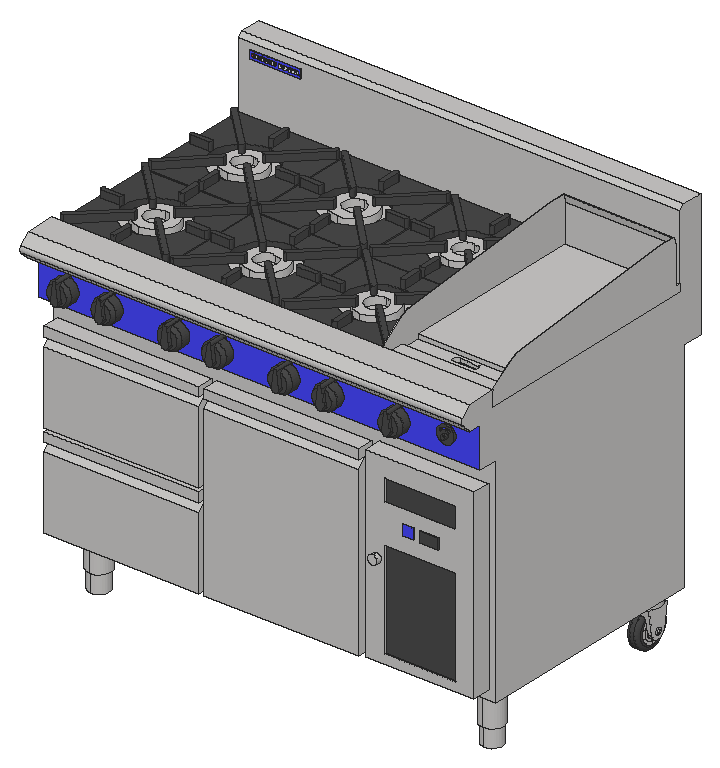
Revit family "QF_MOFFAT_BLUESEAL_CE_G518C-RB", category Specialty Equipment, Revit 2012
Parameters
  Weight in Pounds = 435  # constant formula
  Watts = 250 W
  Volts = 230 V
  URL Cutsheet = "www.moffat.com"
  URL = "www.moffat.com"
  Type Mark [instance] = ""
  Status [instance] = ""
  Specification by User [instance] = ""
  Specification by Manufacturer = ""
  Show Logo [instance] = yes
  Show Clearance [instance] = yes
  Show Casters [instance] = yes
  Serial Number = ""
  Seismic Rating = ""
  SMACNA No = ""
  Revision Code [instance] = ""
  Refrigerant Type = "R134a"
  Phase = 1
  Omniclass Number and Title = ""
  Number of Poles = 1
  NAFEM Spec ID Number = ""
  Model = "G518C-RB"
  Min Ckt Ampacity = 0 A
  Mechanical Remarks [instance] = ""
  Mechanical Connection Type [instance] = ""
  Max Overcurrent Protection = 0 A
  Masterspec = ""
  Manufacturer = "MOFFAT BLUESEAL"
  Legs [instance] = not(Show Casters)  # no
  Item Number [instance] = ""
  Installed By [instance] = ""
  Identify Quantity as Lot [instance] = yes
  HP = ""
  Gas Size = 3/4"
  Gas RI Height [instance] = 0.0 mm
  Gas KW [instance] = 48
  Gas Input [instance] = 165000.0 Btu/h
  Gas Connection Height = 0.0 mm
  Furnished By [instance] = ""
  Foodservice Equipment Identifier [instance] = yes
  FL Amps = 1.8 A
  Elec Conn RI Height = 0.0 mm
  Elec Conn Connection Height = 0.0 mm
  Description = "1200MM GAS COOK TOP ON REFRIGERATED BASE"
  Cycle = 50 Hz
  Conn Plug = ""
  Conn Conduit = yes
  CSI MasterFormat = ""
  CSI Master Format = ""
  Body Height [instance] = 915.0 mm
  Base Height [instance] = 150.0 mm
  Apparent Power = if(Phase = 3, Volts * FL Amps * 1.73, Volts * FL Amps)  # 414 VA
Reference planes
  plane 1 "BACK": y = 0
  plane 2: z = 0
  plane 3 "LEFT": x = 0
  plane 4 "RIGHT": x = 1200
  plane 5 "FRONT": y = -812
  plane 6 "TOP": z = 970
  plane 7 "Center Y": x = 600
  plane 8 "Center X": y = -406
  plane 9 "Base Height": z = 150
  plane 10: x = 1134
  plane 11: x = 65
  plane 12: z = 915
  plane 13: x = 1181
  plane 14: x = 973
  plane 15: y = -625
  plane 16: y = -100
  plane 17: z = 1085
Forms (mm)
  Extrusion 1, solid, material "QF_Finishes_Stainless Steel"
    sketch origin (0, 0, 0) x (0, 1, 0) y (0, 0, 1)
      loop
        line (0, 740) -> (0, 1085) -> (-57.5, 1085) -> (-70, 1072.5) -> (-70, 875) -> (-705, 875) -> (-705, 915) -> (-783.97, 915) -> (-808.485, 890.485)
        arc (-808.485, 890.485) -> (-811.999, 882) -> (-808.485, 873.515) r 12
        line (-808.485, 873.515) -> (-784.97, 850) -> (-749, 850) -> (-749, 740) -> (-697, 740) -> (-697, 150) -> (-57, 150) -> (-57, 740) -> (0, 740)
    from 0 to 1200
  Extrusion 2, solid, material "QF_Finishes_Stainless Steel"
    sketch origin (705, 3, 100) x (1, 0, 0) y (0, 1, 0)
      loop
        circle (365, -35) r 13.5
    from 555 to 640
  Revolve 3, solid, material "QF_Finishes_Black"
    sketch origin (89.687, 0, 759.972) x (0, 1, 0) y (0, 0, -1)
      loop
        line (-789, -69.5) -> (-766, -69.5) -> (-766, -42) -> (-756, -42) -> (-756, -37) -> (-800, -37) -> (-800, -63.651) -> (-789, -69.5)
      axis (-800, -37) -> (-756, -37)
    angle from 0 to 360
  Extrusion 4, solid, material "QF_Finishes_Black"
    sketch origin (227.956, 0, 760.13) x (-1, 0, 0) y (0, 0, -1)
      loop
        line (127.537, -26.064) -> (132.958, -68.983)
        arc (132.958, -68.983) -> (137.956, -73.87) -> (142.955, -68.983) r 5
        line (142.955, -68.983) -> (148.444, -24.898)
        arc (148.444, -24.898) -> (137.372, -14.399) -> (127.537, -26.064) r 10.487
    from 759 to 808
  Revolve 5, solid, material "QF_Finishes_Stainless Steel"
    sketch origin (65, -735, 0) x (0, 1, 0) y (0, 0, 1)
      loop
        line (78.25, 150) -> (78.25, 50) -> (82.5, 50) -> (82.5, 0) -> (110, 0) -> (110, 150) -> (78.25, 150)
      axis (110, 150) -> (110, 0)
    angle from 0 to 360
  Revolve 6, solid, material "QF_Finishes_Stainless Steel"
    sketch origin (1134, -735, 0) x (0, 1, 0) y (0, 0, -1)
      loop
        line (78.25, -150) -> (110, -150) -> (110, 0) -> (82.5, 0) -> (82.5, -50) -> (78.25, -50) -> (78.25, -150)
      axis (110, -150) -> (110, 0)
    angle from 0 to 360
  Extrusion 7, solid, material "QF_Finishes_Stainless Steel"
    sketch origin (0, 0, 0) x (0, 1, 0) y (0, 0, 1)
      loop
        line (-754, 678) -> (-754, 653) -> (-709.18, 653) -> (-709.18, 678) -> (-754, 678)
      loop
        line (-754, 421) -> (-754, 396) -> (-709.18, 396) -> (-709.18, 421) -> (-754, 421)
    from 19 to 439
  Extrusion 8, solid, material "QF_Finishes_Stainless Steel"
    sketch origin (0, -697, 222.5) x (0, 0, -1) y (1, 0, 0)
      loop
        line (-455.5, 1181) -> (-455.5, 887) -> (48.5, 887) -> (48.5, 1181) -> (-455.5, 1181)
      loop
        line (23.5, 1131) -> (-241.5, 1131) -> (-241.5, 937) -> (23.5, 937) -> (23.5, 1131)
      loop
        line (-405.5, 1131) -> (-405.5, 937) -> (-345.5, 937) -> (-345.5, 1131) -> (-405.5, 1131)
    from 0 to 48
  Extrusion 9, solid, material "QF_Finishes_Black"
    sketch origin (0, -745, 222.5) x (0, 0, -1) y (1, 0, 0)
      loop
        line (-311.04, 1035.003) -> (-281.04, 1035.003) -> (-281.04, 1083.315) -> (-311.04, 1083.315) -> (-311.04, 1035.003)
    from 0 to 1
  Extrusion 10, solid, material "QF_Finishes_Stainless Steel"
    sketch origin (0, -745, 222.5) x (0, 0, -1) y (1, 0, 0)
      loop
        circle (-202.271, 914.856) r 12.395
    from 0 to 12.7
  Extrusion 11, solid, material "QF_Finishes_Vents"
    sketch origin (0, -697, 222.5) x (0, 0, 1) y (1, 0, 0)
      loop
        line (345.5, 937) -> (405.5, 937) -> (405.5, 1131) -> (345.5, 1131) -> (345.5, 937)
      loop
        line (241.5, 937) -> (241.5, 1131) -> (-23.5, 1131) -> (-23.5, 937) -> (241.5, 937)
    from 0 to -44.529
  Extrusion 12, solid, material "QF_Door-Drawer Clearances", visible <- "Show Clearance", detail levels coarse
    sketch origin (0, -747, 174) x (0, 0, 1) y (-1, 0, 0)
      loop
        line (0, -19) -> (0, -439) -> (247, -439) -> (247, -19) -> (0, -19)
      loop
        line (257, -19) -> (257, -439) -> (504, -439) -> (504, -19) -> (257, -19)
    from 0 to 304.8
  Extrusion 13, solid, material "QF_Finishes_Stainless Steel"
    sketch origin (0, 0, 0) x (0, 1, 0) y (0, 0, 1)
      loop
        line (-709.18, 174) -> (-709.18, 650.613) -> (-731.387, 650.613) -> (-754, 628) -> (-754, 174) -> (-709.18, 174)
    from 453 to 873
  Extrusion 14, solid, material "QF_Door-Drawer Clearances", visible <- "Show Clearance", detail levels coarse
    sketch origin (0, -754, 174) x (1, 0, 0) y (0, -1, 0)
      loop
        line (453, 0) -> (873, 0) -> (873, 420)
        arc (873, 420) -> (576.015, 296.985) -> (453, 0) r 420
    from 0 to -504
  Extrusion 15, solid, material "QF_Finishes_Stainless Steel"
    sketch origin (0, -57, 735) x (0, 0, 1) y (1, 0, 0)
      loop
        circle (-315, 920) r 6.35
    from 0 to 1.6
  Extrusion 16, solid, material "QF_Finishes_Stainless Steel"
    sketch origin (0, 0, 0) x (0, 1, 0) y (0, 0, 1)
      loop
        line (-754, 431) -> (-709.18, 431) -> (-709.18, 650.613) -> (-731.387, 650.613) -> (-754, 628) -> (-754, 431)
      loop
        line (-754, 174) -> (-709.18, 174) -> (-709.18, 393.613) -> (-731.387, 393.613) -> (-754, 371) -> (-754, 174)
    from 19 to 439
  Extrusion 17, solid, material "QF_Finishes_Stainless Steel"
    sketch origin (0, 0, 0) x (0, 1, 0) y (0, 0, 1)
      loop
        line (-709.18, 653) -> (-709.18, 678) -> (-754, 678) -> (-754, 653) -> (-709.18, 653)
    from 453 to 873
  Revolve 18, solid, material "QF_Finishes_Black"
    sketch origin (210, 0, 760) x (0, 1, 0) y (0, 0, -1)
      loop
        line (-789, -69.5) -> (-766, -69.5) -> (-766, -42) -> (-756, -42) -> (-756, -37) -> (-800, -37) -> (-800, -63.651) -> (-789, -69.5)
      axis (-800, -37) -> (-756, -37)
    angle from 0 to 360
  Extrusion 19, solid, material "QF_Finishes_Black"
    sketch origin (348.27, 0, 760.158) x (-1, 0, 0) y (0, 0, -1)
      loop
        line (127.537, -26.064) -> (132.958, -68.983)
        arc (132.958, -68.983) -> (137.956, -73.87) -> (142.955, -68.983) r 5
        line (142.955, -68.983) -> (148.444, -24.898)
        arc (148.444, -24.898) -> (137.372, -14.399) -> (127.537, -26.064) r 10.487
    from 759 to 808
  Revolve 20, solid, material "QF_Finishes_Black"
    sketch origin (390, 0, 760) x (0, 1, 0) y (0, 0, -1)
      loop
        line (-789, -69.5) -> (-766, -69.5) -> (-766, -42) -> (-756, -42) -> (-756, -37) -> (-800, -37) -> (-800, -63.651) -> (-789, -69.5)
      axis (-800, -37) -> (-756, -37)
    angle from 0 to 360
  Extrusion 21, solid, material "QF_Finishes_Black"
    sketch origin (528.27, 0, 760.158) x (-1, 0, 0) y (0, 0, -1)
      loop
        line (127.537, -26.064) -> (132.958, -68.983)
        arc (132.958, -68.983) -> (137.956, -73.87) -> (142.955, -68.983) r 5
        line (142.955, -68.983) -> (148.444, -24.898)
        arc (148.444, -24.898) -> (137.372, -14.399) -> (127.537, -26.064) r 10.487
    from 759 to 808
  Revolve 22, solid, material "QF_Finishes_Black"
    sketch origin (690, 0, 760) x (0, 1, 0) y (0, 0, -1)
      loop
        line (-789, -69.5) -> (-766, -69.5) -> (-766, -42) -> (-756, -42) -> (-756, -37) -> (-800, -37) -> (-800, -63.651) -> (-789, -69.5)
      axis (-800, -37) -> (-756, -37)
    angle from 0 to 360
  Extrusion 23, solid, material "QF_Finishes_Black"
    sketch origin (828.27, 0, 760.158) x (-1, 0, 0) y (0, 0, -1)
      loop
        line (127.537, -26.064) -> (132.958, -68.983)
        arc (132.958, -68.983) -> (137.956, -73.87) -> (142.955, -68.983) r 5
        line (142.955, -68.983) -> (148.444, -24.898)
        arc (148.444, -24.898) -> (137.372, -14.399) -> (127.537, -26.064) r 10.487
    from 759 to 808
  Revolve 24, solid, material "QF_Finishes_Black"
    sketch origin (990, 0, 760) x (0, 1, 0) y (0, 0, -1)
      loop
        line (-789, -69.5) -> (-766, -69.5) -> (-766, -42) -> (-756, -42) -> (-756, -37) -> (-800, -37) -> (-800, -63.651) -> (-789, -69.5)
      axis (-800, -37) -> (-756, -37)
    angle from 0 to 360
  Extrusion 25, solid, material "QF_Finishes_Black"
    sketch origin (1128.27, 0, 760.158) x (-1, 0, 0) y (0, 0, -1)
      loop
        line (127.537, -26.064) -> (132.958, -68.983)
        arc (132.958, -68.983) -> (137.956, -73.87) -> (142.955, -68.983) r 5
        line (142.955, -68.983) -> (148.444, -24.898)
        arc (148.444, -24.898) -> (137.372, -14.399) -> (127.537, -26.064) r 10.487
    from 759 to 808
  Revolve 26, solid, material "QF_Finishes_Black"
    sketch origin (510.313, 0, 760.028) x (0, 1, 0) y (0, 0, -1)
      loop
        line (-789, -69.5) -> (-766, -69.5) -> (-766, -42) -> (-756, -42) -> (-756, -37) -> (-800, -37) -> (-800, -63.651) -> (-789, -69.5)
      axis (-800, -37) -> (-756, -37)
    angle from 0 to 360
  Extrusion 27, solid, material "QF_Finishes_Black"
    sketch origin (648.583, 0, 760.186) x (-1, 0, 0) y (0, 0, -1)
      loop
        line (127.537, -26.064) -> (132.958, -68.983)
        arc (132.958, -68.983) -> (137.956, -73.87) -> (142.955, -68.983) r 5
        line (142.955, -68.983) -> (148.444, -24.898)
        arc (148.444, -24.898) -> (137.372, -14.399) -> (127.537, -26.064) r 10.487
    from 759 to 808
  Revolve 28, solid, material "QF_Finishes_Stainless Steel", visible <- "Legs"
    sketch origin (65.5, -166, 0) x (0, 1, 0) y (0, 0, 1)
      loop
        line (34.25, 150) -> (34.25, 50) -> (38.5, 50) -> (38.5, 0) -> (66, 0) -> (66, 150) -> (34.25, 150)
      axis (66, 150) -> (66, 0)
    angle from 0 to 360
  Revolve 29, solid, material "QF_Finishes_Stainless Steel", visible <- "Show Casters"
    sketch origin (16.276, -100.755, -12.8) x (1, 0, 0) y (0, 0, 1)
      loop
        line (14.841, 63.604) -> (83.584, 63.604) -> (83.584, 67.109) -> (82.314, 68.379) -> (80.79, 68.379) -> (80.79, 71.826) -> (68.644, 71.826) -> (68.644, 81.79) -> (65.088, 83.843) -> (63.738, 92.179) -> (65.881, 92.179) -> (65.881, 98.529) -> (65.088, 98.529) -> (65.088, 104.879)
        arc (65.088, 104.879) -> (62.298, 111.614) -> (55.563, 114.404) r 9.525
        line (55.563, 114.404) -> (42.863, 114.404)
        arc (42.863, 114.404) -> (36.127, 111.614) -> (33.338, 104.879) r 9.525
        line (33.338, 104.879) -> (33.338, 98.529) -> (32.544, 98.529) -> (32.544, 92.179) -> (34.687, 92.179) -> (33.352, 83.932) -> (29.782, 81.871) -> (29.782, 71.826) -> (17.635, 71.826) -> (17.635, 68.379) -> (16.111, 68.379) -> (14.841, 67.109) -> (14.841, 63.604)
      axis (14.841, 63.604) -> (83.584, 63.604)
    angle from 0 to 360
  Extrusion 30, solid, material "QF_Finishes_Stainless Steel", visible <- "Show Casters"
    sketch origin (72.001, 132.353, -8.783) x (0, 1, 0) y (0, 0, 1)
      loop
        line (-200.603, 118.783) -> (-264.103, 118.783) -> (-251.746, 53.895)
        arc (-251.746, 53.895) -> (-232.353, 38.783) -> (-212.959, 53.895) r 20
        line (-212.959, 53.895) -> (-200.603, 118.783)
    from -35.667 to 22.923
  Revolve 31, solid, material "QF_Finishes_Stainless Steel", visible <- "Show Casters"
    sketch origin (65.5, -204, 0) x (0, 1, 0) y (0, 0, 1)
      loop
        line (68.25, 150) -> (68.25, 110) -> (104, 110) -> (104, 150) -> (68.25, 150)
      axis (104, 150) -> (104, 110)
    angle from 0 to 360
  Revolve 32, solid, material "QF_Finishes_Stainless Steel", visible <- "Legs"
    sketch origin (65.5, -166, 0) x (0, 1, 0) y (0, 0, 1)
      loop
        line (34.25, 150) -> (34.25, 50) -> (38.5, 50) -> (38.5, 0) -> (66, 0) -> (66, 150) -> (34.25, 150)
      axis (66, 150) -> (66, 0)
    angle from 0 to 360
  Revolve 33, solid, material "QF_Finishes_Stainless Steel", visible <- "Legs"
    sketch origin (1134.5, -166, 0) x (0, 1, 0) y (0, 0, -1)
      loop
        line (34.25, -150) -> (66, -150) -> (66, 0) -> (38.5, 0) -> (38.5, -50) -> (34.25, -50) -> (34.25, -150)
      axis (66, -150) -> (66, 0)
    angle from 0 to 360
  Revolve 34, solid, material "QF_Finishes_Stainless Steel", visible <- "Show Casters"
    sketch origin (1183.724, -100.755, -12.8) x (-1, 0, 0) y (0, 0, -1)
      loop
        line (14.841, -63.604) -> (14.841, -67.109) -> (16.111, -68.379) -> (17.635, -68.379) -> (17.635, -71.826) -> (29.782, -71.826) -> (29.782, -81.871) -> (33.352, -83.932) -> (34.687, -92.179) -> (32.544, -92.179) -> (32.544, -98.529) -> (33.338, -98.529) -> (33.338, -104.879)
        arc (33.338, -104.879) -> (36.127, -111.614) -> (42.863, -114.404) r 9.525
        line (42.863, -114.404) -> (55.563, -114.404)
        arc (55.563, -114.404) -> (62.298, -111.614) -> (65.088, -104.879) r 9.525
        line (65.088, -104.879) -> (65.088, -98.529) -> (65.881, -98.529) -> (65.881, -92.179) -> (63.738, -92.179) -> (65.088, -83.843) -> (68.644, -81.79) -> (68.644, -71.826) -> (80.79, -71.826) -> (80.79, -68.379) -> (82.314, -68.379) -> (83.584, -67.109) -> (83.584, -63.604) -> (14.841, -63.604)
      axis (14.841, -63.604) -> (83.584, -63.604)
    angle from 0 to 360
  Extrusion 35, solid, material "QF_Finishes_Stainless Steel", visible <- "Show Casters"
    sketch origin (1127.999, 132.353, -8.783) x (0, 1, 0) y (0, 0, -1)
      loop
        line (-200.603, -118.783) -> (-212.959, -53.895)
        arc (-212.959, -53.895) -> (-232.353, -38.783) -> (-251.746, -53.895) r 20
        line (-251.746, -53.895) -> (-264.103, -118.783) -> (-200.603, -118.783)
    from -35.667 to 22.923
  Revolve 36, solid, material "QF_Finishes_Stainless Steel", visible <- "Show Casters"
    sketch origin (1134.5, -204, 0) x (0, 1, 0) y (0, 0, -1)
      loop
        line (68.25, -150) -> (104, -150) -> (104, -110) -> (68.25, -110) -> (68.25, -150)
      axis (104, -150) -> (104, -110)
    angle from 0 to 360
  Revolve 37, solid, material "QF_Finishes_Stainless Steel", visible <- "Legs"
    sketch origin (1134.5, -166, 0) x (0, 1, 0) y (0, 0, -1)
      loop
        line (34.25, -150) -> (66, -150) -> (66, 0) -> (38.5, 0) -> (38.5, -50) -> (34.25, -50) -> (34.25, -150)
      axis (66, -150) -> (66, 0)
    angle from 0 to 360
  Extrusion 38, solid, material "QF_Finishes_Black"
    sketch origin (0, -749, 850) x (0, 0, -1) y (1, 0, 0)
      loop
        circle (53, 1110) r 23.9
      loop
        arc (45.641, 1118.419) -> (46.501, 1123.219) -> (41.701, 1124.079) r 3.448
        arc (41.701, 1124.079) -> (35.116, 1109.341) -> (42.919, 1095.209) r 18.095
        arc (42.919, 1095.209) -> (47.641, 1096.491) -> (46.326, 1101.204) r 3.448
        arc (46.326, 1101.204) -> (42.758, 1109.683) -> (45.641, 1118.419) r 13.109
    from 0 to 5
  Extrusion 39, solid, material "QF_Finishes_Black"
    sketch origin (0, -754, 850) x (0, 0, -1) y (1, 0, 0)
      loop
        circle (56.5, 1110) r 5.75
    from 0 to 10
  Revolve 40, solid, material "QF_Finishes_Black"
    sketch origin (810.313, 0, 760.028) x (0, 1, 0) y (0, 0, -1)
      loop
        line (-789, -69.5) -> (-766, -69.5) -> (-766, -42) -> (-756, -42) -> (-756, -37) -> (-800, -37) -> (-800, -63.651) -> (-789, -69.5)
      axis (-800, -37) -> (-756, -37)
    angle from 0 to 360
  Extrusion 41, solid, material "QF_Finishes_Black"
    sketch origin (948.583, 0, 760.186) x (-1, 0, 0) y (0, 0, -1)
      loop
        line (127.537, -26.064) -> (132.958, -68.983)
        arc (132.958, -68.983) -> (137.956, -73.87) -> (142.955, -68.983) r 5
        line (142.955, -68.983) -> (148.444, -24.898)
        arc (148.444, -24.898) -> (137.372, -14.399) -> (127.537, -26.064) r 10.487
    from 759 to 808
  Extrusion 42, solid, material "QF_Finishes_Blue"
    sketch origin (0, -745, 222.5) x (0, 0, -1) y (1, 0, 0)
      loop
        line (-311.04, 987.426) -> (-281.04, 987.426) -> (-281.04, 1017.426) -> (-311.04, 1017.426) -> (-311.04, 987.426)
    from 0 to 1
Lines and regions (mm)
  Split face 1
    outline origin (0, -22, 1085) x (0, 1, 0) y (-1, 0, 0)
      loop
        arc (-23.385, -1164.794) -> (-18.385, -1173.455) -> (-8.385, -1173.455) r 10
        line (-8.385, -1173.455) -> (-1.385, -1169.413)
        arc (-1.385, -1169.413) -> (2.275, -1165.753) -> (3.615, -1160.753) r 10
        line (3.615, -1160.753) -> (3.615, -932.794)
        arc (3.615, -932.794) -> (-1.385, -924.134) -> (-11.385, -924.134) r 10
        line (-11.385, -924.134) -> (-18.385, -928.176)
        arc (-18.385, -928.176) -> (-22.045, -931.836) -> (-23.385, -936.836) r 10
        line (-23.385, -936.836) -> (-23.385, -1164.794)
  Split face 2
    outline origin (0, -22, 1085) x (0, 1, 0) y (-1, 0, 0)
      loop
        arc (-23.385, -864.794) -> (-18.385, -873.455) -> (-8.385, -873.455) r 10
        line (-8.385, -873.455) -> (-1.385, -869.413)
        arc (-1.385, -869.413) -> (2.275, -865.753) -> (3.615, -860.753) r 10
        line (3.615, -860.753) -> (3.615, -632.794)
        arc (3.615, -632.794) -> (-1.385, -624.134) -> (-11.385, -624.134) r 10
        line (-11.385, -624.134) -> (-18.385, -628.176)
        arc (-18.385, -628.176) -> (-22.045, -631.836) -> (-23.385, -636.836) r 10
        line (-23.385, -636.836) -> (-23.385, -864.794)
  Split face 3
    outline origin (0, -22, 1085) x (0, 1, 0) y (-1, 0, 0)
      loop
        arc (-23.385, -564.794) -> (-18.385, -573.455) -> (-8.385, -573.455) r 10
        line (-8.385, -573.455) -> (-1.385, -569.413)
        arc (-1.385, -569.413) -> (2.275, -565.753) -> (3.615, -560.753) r 10
        line (3.615, -560.753) -> (3.615, -332.794)
        arc (3.615, -332.794) -> (-1.385, -324.134) -> (-11.385, -324.134) r 10
        line (-11.385, -324.134) -> (-18.385, -328.176)
        arc (-18.385, -328.176) -> (-22.045, -331.836) -> (-23.385, -336.836) r 10
        line (-23.385, -336.836) -> (-23.385, -564.794)
  Split face 4
    outline origin (0, -22, 1085) x (0, 1, 0) y (-1, 0, 0)
      loop
        arc (-23.385, -264.794) -> (-18.385, -273.455) -> (-8.385, -273.455) r 10
        line (-8.385, -273.455) -> (-1.385, -269.413)
        arc (-1.385, -269.413) -> (2.275, -265.753) -> (3.615, -260.753) r 10
        line (3.615, -260.753) -> (3.615, -32.794)
        arc (3.615, -32.794) -> (-1.385, -24.134) -> (-11.385, -24.134) r 10
        line (-11.385, -24.134) -> (-18.385, -28.176)
        arc (-18.385, -28.176) -> (-22.045, -31.836) -> (-23.385, -36.836) r 10
        line (-23.385, -36.836) -> (-23.385, -264.794)
  symbolic lines, style "QF_Door-Drawer Clearances"
    curve 1: line (19, -812, 150) -> (19, -1058.8, 150)
    curve 2: line (19, -1058.8, 150) -> (439, -1058.8, 150)
    curve 3: line (439, -1058.8, 150) -> (439, -812, 150)
    curve 4: arc (512.99, -970.316, 150) -> (477.409, -895.095, 150) -> (457.356, -814.336, 150) r 420
    curve 5: line (776.472, -812, 150) -> (512.99, -970.316, 150)
  symbolic lines, style "SpecialityEquipmentHiddenLines", visible <- "Show Casters"
    curve 6: line (78.456, -46.735, 0) -> (105.952, -62.61, 0)
    curve 7: line (27.656, -134.723, 0) -> (78.456, -46.735, 0)
    curve 8: line (55.152, -150.598, 0) -> (27.656, -134.723, 0)
    curve 9: line (105.952, -62.61, 0) -> (55.152, -150.598, 0)
    curve 10: line (1125.152, -150.598, 0) -> (1097.656, -134.723, 0)
    curve 11: line (1175.952, -62.61, 0) -> (1125.152, -150.598, 0)
    curve 52: line (1148.456, -46.735, 0) -> (1097.656, -134.723, 0)
    curve 53: line (1175.952, -62.61, 0) -> (1148.456, -46.735, 0)
  symbolic lines
    curve 12: line (32.794, -18.385, 0) -> (260.753, -18.385, 0)
    curve 13: arc (260.753, -18.385, 0) -> (265.753, -19.725, 0) -> (269.413, -23.385, 0) r 10
    curve 14: line (269.413, -23.385, 0) -> (273.455, -30.385, 0)
    curve 15: arc (273.455, -30.385, 0) -> (273.455, -40.385, 0) -> (264.794, -45.385, 0) r 10
    curve 16: line (264.794, -45.385, 0) -> (36.836, -45.385, 0)
    curve 17: arc (36.836, -45.385, 0) -> (31.836, -44.045, 0) -> (28.176, -40.385, 0) r 10
    curve 18: line (28.176, -40.385, 0) -> (24.134, -33.385, 0)
    curve 19: arc (24.134, -33.385, 0) -> (24.134, -23.385, 0) -> (32.794, -18.385, 0) r 10
    curve 20: line (560.753, -18.385, 0) -> (332.794, -18.385, 0)
    curve 21: arc (332.794, -18.385, 0) -> (324.134, -23.385, 0) -> (324.134, -33.385, 0) r 10
    curve 22: line (324.134, -33.385, 0) -> (328.176, -40.385, 0)
    curve 23: arc (328.176, -40.385, 0) -> (331.836, -44.045, 0) -> (336.836, -45.385, 0) r 10
    curve 24: line (336.836, -45.385, 0) -> (564.794, -45.385, 0)
    curve 25: arc (564.794, -45.385, 0) -> (573.455, -40.385, 0) -> (573.455, -30.385, 0) r 10
    curve 26: line (573.455, -30.385, 0) -> (569.413, -23.385, 0)
    curve 27: arc (569.413, -23.385, 0) -> (565.753, -19.725, 0) -> (560.753, -18.385, 0) r 10
    curve 28: line (632.794, -18.385, 0) -> (860.753, -18.385, 0)
    curve 29: arc (860.753, -18.385, 0) -> (865.753, -19.725, 0) -> (869.413, -23.385, 0) r 10
    curve 30: line (869.413, -23.385, 0) -> (873.455, -30.385, 0)
    curve 31: arc (873.455, -30.385, 0) -> (873.455, -40.385, 0) -> (864.794, -45.385, 0) r 10
    curve 32: line (864.794, -45.385, 0) -> (636.836, -45.385, 0)
    curve 33: arc (636.836, -45.385, 0) -> (631.836, -44.045, 0) -> (628.176, -40.385, 0) r 10
    curve 34: line (628.176, -40.385, 0) -> (624.134, -33.385, 0)
    curve 35: arc (624.134, -33.385, 0) -> (624.134, -23.385, 0) -> (632.794, -18.385, 0) r 10
    curve 36: line (1160.753, -18.385, 0) -> (932.794, -18.385, 0)
    curve 37: arc (932.794, -18.385, 0) -> (924.134, -23.385, 0) -> (924.134, -33.385, 0) r 10
    curve 38: line (924.134, -33.385, 0) -> (928.176, -40.385, 0)
    curve 39: arc (928.176, -40.385, 0) -> (931.836, -44.045, 0) -> (936.836, -45.385, 0) r 10
    curve 40: line (936.836, -45.385, 0) -> (1164.794, -45.385, 0)
    curve 41: arc (1164.794, -45.385, 0) -> (1173.455, -40.385, 0) -> (1173.455, -30.385, 0) r 10
    curve 42: line (1173.455, -30.385, 0) -> (1169.413, -23.385, 0)
    curve 43: arc (1169.413, -23.385, 0) -> (1165.753, -19.725, 0) -> (1160.753, -18.385, 0) r 10
    curve 44: line (1200, 0, 0) -> (0, 0, 0)
    curve 45: line (1200, -57, 0) -> (0, -57, 0)
    curve 46: line (0, -70, 0) -> (1200, -70, 0)
    curve 47: line (-1, -705, 0) -> (1199, -705, 0)
    curve 48: line (0, -783.97, 0) -> (1200, -783.97, 0)
    curve 49: line (0, -811.999, 0) -> (1200, -811.999, 0)
    curve 50: line (1200, -811.999, 0) -> (1200, 0, 0)
    curve 51: line (0, 0, 0) -> (0, -811.999, 0)
Dimensions and locks
  equal spacing: plane 3 "LEFT", plane 7 "Center Y", plane 4 "RIGHT"
  plane 3 "LEFT" to plane 4 "RIGHT" = 1200.0 mm
  equal spacing: plane 5 "FRONT", plane 8 "Center X", plane 1 "BACK"
  plane 5 "FRONT" to plane 1 "BACK" = 812.0 mm
  "Base Height": plane 9 "Base Height" to level
  plane 6 "TOP" to level = 970.0 mm
  plane 10 to plane 11 = 1069.0 mm
  level to Extrusion 2 = 655.0 mm
  Extrusion 1 to Extrusion 7 = 19.0 mm
  Extrusion 8 sketch curve to Extrusion 8 sketch curve = 294.0 mm
  plane 15 to plane 16 = 525.0 mm
  plane 17 to plane 2 = 1085.0 mm
  Extrusion 15 sketch curve to plane 4 "RIGHT" = 280.0 mm
  Extrusion 15 sketch curve to plane 2 = 420.0 mm
  Revolve 29 sketch curve to Revolve 29 sketch curve = 50.8 mm
  Revolve 34 sketch curve to Revolve 34 sketch curve = 50.8 mm
  aligned and locked: level to plane 2
Automatic sketch dimensions
  curve 45 to plane 3 "LEFT" = 0.0 mm
  curve 48 to plane 4 "RIGHT" = 0.0 mm
  plane 1 "BACK" to curve 44 = 0.0 mm
  curve 47 to plane 3 "LEFT" = 1.0 mm
  plane 3 "LEFT" to curve 18 = 24.134 mm
  plane 3 "LEFT" to curve 8 = 27.656 mm
  curve 19 to curve 17 = 4.041 mm
  curve 18 to curve 19 = 8.66 mm
  curve 17 to curve 17 = 8.66 mm
  curve 8 to plane 11 = 9.848 mm
  plane 11 to curve 7 = 13.456 mm
  plane 1 "BACK" to curve 12 = 18.385 mm
  curve 6 to curve 12 = 154.801 mm
  curve 13 to curve 15 = 4.041 mm  (x2)
  curve 13 to curve 13 = 8.66 mm
  curve 14 to curve 21 = 50.679 mm
  curve 22 to curve 23 = 4.041 mm
  curve 21 to curve 21 = 8.66 mm
  curve 23 to curve 23 = 8.66 mm
  plane 1 "BACK" to curve 27 = 18.385 mm
  curve 27 to plane 7 "Center Y" = 39.247 mm
  curve 27 to curve 24 = 4.041 mm
  plane 1 "BACK" to curve 26 = 23.385 mm
  curve 27 to curve 26 = 8.66 mm
  curve 26 to curve 25 = 4.041 mm
  plane 7 "Center Y" to curve 35 = 24.134 mm
  curve 35 to curve 34 = 4.041 mm
  curve 34 to curve 28 = 8.66 mm
  curve 33 to curve 32 = 8.66 mm
  plane 1 "BACK" to curve 29 = 18.385 mm
  curve 29 to plane 14 = 112.247 mm
  curve 29 to curve 31 = 4.041 mm
  curve 29 to curve 29 = 8.66 mm
  plane 1 "BACK" to curve 30 = 30.385 mm
  curve 29 to curve 30 = 4.041 mm
  curve 38 to plane 14 = 48.866 mm
  curve 37 to curve 38 = 4.041 mm
  curve 37 to curve 37 = 8.66 mm
  curve 37 to curve 39 = 4.041 mm
  curve 52 to plane 10 = 36.344 mm
  curve 10 to plane 10 = 8.848 mm
  plane 10 to curve 53 = 14.456 mm
  curve 52 to curve 43 = 12.297 mm
  curve 43 to curve 41 = 4.041 mm
  curve 43 to curve 42 = 8.66 mm
  curve 43 to curve 42 = 4.041 mm
  plane 4 "RIGHT" to curve 47 = 1.0 mm
  curve 34 to curve 28 = 15.0 mm
  curve 18 to curve 12 = 15.0 mm
  curve 21 to curve 20 = 15.0 mm
  plane 1 "BACK" to curve 38 = 33.385 mm
  curve 31 to curve 31 = 5.0 mm
  curve 25 to curve 27 = 7.0 mm
  curve 15 to curve 12 = 17.0 mm
  curve 17 to curve 19 = 7.0 mm
  curve 33 to curve 35 = 7.0 mm
  curve 23 to curve 21 = 7.0 mm
  plane 1 "BACK" to curve 41 = 35.385 mm
  curve 39 to curve 37 = 2.0 mm
  curve 39 to curve 37 = 7.0 mm  (x2)
  curve 18 to curve 19 = 7.0 mm
  curve 22 to curve 22 = 7.0 mm
  curve 53 to curve 41 = 1.35 mm
  curve 6 to curve 17 = 1.35 mm
  curve 45 to curve 41 = 11.615 mm
  curve 53 to curve 41 = 17.225 mm
  curve 6 to curve 6 = 15.875 mm
  curve 46 to curve 45 = 13.0 mm
  curve 47 to plane 15 = 80.0 mm
  curve 48 to plane 5 "FRONT" = 28.03 mm
  curve 51 to plane 5 "FRONT" = 0.001 mm
  curve 31 to curve 29 = 7.0 mm
  curve 15 to curve 13 = 7.0 mm
  curve 41 to curve 43 = 7.0 mm
  Extrusion 1 sketch curve to plane 12 = 0.0 mm
  Extrusion 1 sketch curve to plane 9 "Base Height" = 0.0 mm
  Extrusion 1 sketch curve to plane 17 = 0.0 mm
  Extrusion 1 sketch curve to plane 1 "BACK" = 0.0 mm
  plane 16 to Extrusion 1 sketch curve = 43.0 mm
  plane 16 to Extrusion 1 sketch curve = 42.5 mm
  Extrusion 1 sketch curve to Extrusion 1 sketch curve = 12.5 mm
  Extrusion 1 sketch curve to plane 15 = 72.0 mm
  Extrusion 1 sketch curve to plane 15 = 80.0 mm
  Extrusion 1 sketch curve to Extrusion 1 sketch curve = 52.0 mm
  Extrusion 1 sketch curve to plane 5 "FRONT" = 28.03 mm
  Extrusion 1 sketch curve to plane 5 "FRONT" = 27.03 mm
  Extrusion 1 sketch curve to plane 5 "FRONT" = 12.001 mm
  Extrusion 1 sketch curve to plane 5 "FRONT" = 3.515 mm  (x2)
  Extrusion 1 sketch curve to plane 12 = 175.0 mm  (x2)
  Extrusion 1 sketch curve to plane 12 = 65.0 mm
  Extrusion 1 sketch curve to Extrusion 1 sketch curve = 23.515 mm
  Extrusion 1 sketch curve to Extrusion 1 sketch curve = 40.0 mm
  Extrusion 1 sketch curve to Extrusion 1 sketch curve = 8.485 mm
  Extrusion 1 sketch curve to plane 17 = 12.5 mm
  plane 1 "BACK" to Extrusion 2 sketch curve = 32.0 mm
  Extrusion 2 sketch curve to plane 10 = 64.0 mm
  Revolve 3 sketch curve to plane 5 "FRONT" = 12.0 mm
  Revolve 3 sketch curve to Revolve 3 sketch curve = 0.0 mm  (x2)
  Revolve 3 sketch curve to Revolve 3 sketch curve = 11.0 mm
  Revolve 3 sketch curve to Revolve 3 sketch curve = 12.7 mm
  Revolve 3 sketch curve to Revolve 3 sketch curve = 23.0 mm
  Revolve 3 sketch curve to Revolve 3 sketch curve = 10.0 mm
  Revolve 3 sketch curve to plane 12 = 85.528 mm
  Revolve 3 sketch curve to Revolve 3 sketch curve = 5.849 mm
  Revolve 3 sketch curve to Revolve 3 sketch curve = 27.5 mm
  Revolve 3 sketch curve to Revolve 3 sketch curve = 5.0 mm
  plane 11 to Extrusion 4 sketch curve = 35.419 mm
  plane 11 to Extrusion 4 sketch curve = 29.999 mm
  Extrusion 4 sketch curve to Extrusion 4 sketch curve = 10.419 mm
  Extrusion 4 sketch curve to Extrusion 4 sketch curve = 4.999 mm  (x2)
  Extrusion 4 sketch curve to Extrusion 4 sketch curve = 10.487 mm
  Extrusion 4 sketch curve to plane 12 = 85.887 mm
  Extrusion 4 sketch curve to Extrusion 4 sketch curve = 0.113 mm
  Extrusion 4 sketch curve to Extrusion 4 sketch curve = 42.919 mm
  Extrusion 4 sketch curve to Extrusion 4 sketch curve = 1.167 mm
  Revolve 5 sketch curve to plane 9 "Base Height" = 0.0 mm
  Revolve 5 sketch curve to level = 0.0 mm
  Revolve 5 sketch curve to plane 15 = 0.0 mm  (x2)
  Revolve 5 sketch curve to plane 15 = 27.5 mm
  Revolve 5 sketch curve to Revolve 5 sketch curve = 31.75 mm
  Revolve 5 sketch curve to Revolve 5 sketch curve = 55.0 mm
  level to Revolve 5 sketch curve = 50.0 mm
  Revolve 5 sketch curve to Revolve 5 sketch curve = 0.0 mm
  Revolve 6 sketch curve to plane 9 "Base Height" = 0.0 mm
  Revolve 6 sketch curve to level = 0.0 mm
  Revolve 6 sketch curve to plane 15 = 0.0 mm  (x2)
  Revolve 6 sketch curve to plane 15 = 27.5 mm
  Revolve 6 sketch curve to plane 15 = 31.75 mm
  level to Revolve 6 sketch curve = 50.0 mm
  Revolve 6 sketch curve to Revolve 6 sketch curve = 0.0 mm
  Revolve 6 sketch curve to Revolve 6 sketch curve = 55.0 mm
  Extrusion 7 sketch curve to plane 5 "FRONT" = 58.0 mm  (x2)
  Extrusion 7 sketch curve to Extrusion 7 sketch curve = 44.82 mm  (x2)
  plane 9 "Base Height" to Extrusion 7 sketch curve = 246.0 mm
  Extrusion 7 sketch curve to Extrusion 7 sketch curve = 25.0 mm  (x2)
  Extrusion 7 sketch curve to Extrusion 7 sketch curve = 232.0 mm
  Extrusion 8 sketch curve to Extrusion 1 = 62.0 mm
  Extrusion 8 sketch curve to Extrusion 8 sketch curve = 50.0 mm  (x3)
  Extrusion 8 sketch curve to Extrusion 8 sketch curve = 60.0 mm
  Extrusion 8 sketch curve to Extrusion 8 sketch curve = 104.0 mm
  Extrusion 1 to Extrusion 8 sketch curve = 49.0 mm
  Extrusion 1 to Extrusion 8 sketch curve = 24.0 mm
  Extrusion 1 to Extrusion 8 sketch curve = 313.0 mm
  Extrusion 8 sketch curve to Extrusion 8 sketch curve = 0.0 mm
  Extrusion 1 to Extrusion 8 sketch curve = 69.0 mm
  Extrusion 9 sketch curve to Extrusion 8 = 34.46 mm
  Extrusion 8 to Extrusion 9 sketch curve = 47.685 mm
  Extrusion 8 to Extrusion 10 sketch curve = 39.229 mm
  Extrusion 10 sketch curve to Extrusion 8 = 22.144 mm
  Extrusion 11 sketch curve to Extrusion 8 = 0.0 mm  (x6)
  Extrusion 8 to Extrusion 11 sketch curve = 0.0 mm  (x2)
  plane 9 "Base Height" to Extrusion 12 sketch curve = 24.0 mm
  Extrusion 12 sketch curve to Extrusion 12 sketch curve = 247.0 mm
  Extrusion 12 sketch curve to Extrusion 12 sketch curve = 10.0 mm
  plane 3 "LEFT" to Extrusion 12 sketch curve = 19.0 mm  (x2)
  Extrusion 12 sketch curve to plane 12 = 237.0 mm
  Extrusion 12 sketch curve to plane 7 "Center Y" = 161.0 mm
  Extrusion 12 sketch curve to Extrusion 12 sketch curve = 0.0 mm
  Extrusion 13 sketch curve to plane 5 "FRONT" = 58.0 mm
  Extrusion 13 sketch curve to Extrusion 13 sketch curve = 22.613 mm  (x2)
  Extrusion 13 sketch curve to Extrusion 13 sketch curve = 22.207 mm
  plane 9 "Base Height" to Extrusion 13 sketch curve = 24.0 mm
  Extrusion 13 sketch curve to plane 12 = 287.0 mm
  Extrusion 14 sketch curve to Extrusion 13 = 0.0 mm  (x3)
  plane 5 "FRONT" to curve 5 = 0.0 mm
  plane 5 "FRONT" to curve 3 = 0.0 mm
  plane 5 "FRONT" to curve 1 = 0.0 mm
  curve 4 to plane 14 = 100.0 mm
  curve 4 to curve 5 = 96.528 mm
  curve 4 to plane 7 "Center Y" = 87.01 mm
  plane 5 "FRONT" to curve 4 = 2.336 mm
  curve 4 to plane 7 "Center Y" = 142.644 mm
  curve 4 to curve 3 = 18.356 mm
  plane 3 "LEFT" to curve 1 = 19.0 mm
  curve 4 to plane 5 "FRONT" = 58.0 mm
  curve 1 to curve 2 = 246.8 mm
  Extrusion 16 sketch curve to plane 5 "FRONT" = 58.0 mm  (x2)
  Extrusion 16 sketch curve to Extrusion 16 sketch curve = 22.613 mm  (x4)
  Extrusion 16 sketch curve to Extrusion 16 sketch curve = 22.207 mm
  Extrusion 16 sketch curve to Extrusion 16 sketch curve = 44.82 mm
  plane 9 "Base Height" to Extrusion 16 sketch curve = 24.0 mm
  Extrusion 16 sketch curve to Extrusion 16 sketch curve = 197.0 mm  (x2)
  Extrusion 16 sketch curve to Extrusion 16 sketch curve = 37.387 mm
  Extrusion 17 sketch curve to plane 5 "FRONT" = 58.0 mm
  Extrusion 17 sketch curve to Extrusion 17 sketch curve = 44.82 mm
  Extrusion 17 sketch curve to plane 12 = 262.0 mm
  Extrusion 17 sketch curve to Extrusion 17 sketch curve = 25.0 mm
  Revolve 18 sketch curve to plane 5 "FRONT" = 12.0 mm
  Revolve 18 sketch curve to Revolve 18 sketch curve = 0.0 mm  (x2)
  Revolve 18 sketch curve to Revolve 18 sketch curve = 11.0 mm
  Revolve 18 sketch curve to Revolve 18 sketch curve = 12.7 mm
  Revolve 18 sketch curve to Revolve 18 sketch curve = 23.0 mm
  Revolve 18 sketch curve to Revolve 18 sketch curve = 10.0 mm
  Revolve 18 sketch curve to plane 12 = 85.5 mm
  Revolve 18 sketch curve to Revolve 18 sketch curve = 5.849 mm
  Revolve 18 sketch curve to Revolve 18 sketch curve = 27.5 mm
  Revolve 18 sketch curve to Revolve 18 sketch curve = 5.0 mm
  plane 11 to Extrusion 19 sketch curve = 155.733 mm
  Extrusion 19 sketch curve to Extrusion 19 sketch curve = 5.421 mm
  Extrusion 19 sketch curve to Extrusion 19 sketch curve = 10.419 mm
  Extrusion 19 sketch curve to Extrusion 19 sketch curve = 4.999 mm  (x2)
  Extrusion 19 sketch curve to plane 12 = 85.859 mm
  Extrusion 19 sketch curve to Extrusion 19 sketch curve = 10.487 mm
  Extrusion 19 sketch curve to Extrusion 19 sketch curve = 0.113 mm
  Extrusion 19 sketch curve to Extrusion 19 sketch curve = 42.919 mm
  Extrusion 19 sketch curve to Extrusion 19 sketch curve = 1.167 mm
  Revolve 20 sketch curve to plane 5 "FRONT" = 12.0 mm
  Revolve 20 sketch curve to Revolve 20 sketch curve = 0.0 mm  (x2)
  Revolve 20 sketch curve to Revolve 20 sketch curve = 11.0 mm
  Revolve 20 sketch curve to Revolve 20 sketch curve = 12.7 mm
  Revolve 20 sketch curve to Revolve 20 sketch curve = 23.0 mm
  Revolve 20 sketch curve to Revolve 20 sketch curve = 10.0 mm
  Revolve 20 sketch curve to plane 12 = 85.5 mm
  Revolve 20 sketch curve to Revolve 20 sketch curve = 5.849 mm
  Revolve 20 sketch curve to Revolve 20 sketch curve = 27.5 mm
  Revolve 20 sketch curve to Revolve 20 sketch curve = 5.0 mm
  Extrusion 21 sketch curve to plane 7 "Center Y" = 199.267 mm
  Extrusion 21 sketch curve to Extrusion 21 sketch curve = 5.421 mm
  Extrusion 21 sketch curve to Extrusion 21 sketch curve = 10.419 mm
  Extrusion 21 sketch curve to Extrusion 21 sketch curve = 4.999 mm  (x2)
  Extrusion 21 sketch curve to plane 12 = 85.859 mm
  Extrusion 21 sketch curve to Extrusion 21 sketch curve = 10.487 mm
  Extrusion 21 sketch curve to Extrusion 21 sketch curve = 0.113 mm
  Extrusion 21 sketch curve to Extrusion 21 sketch curve = 42.919 mm
  Extrusion 21 sketch curve to Extrusion 21 sketch curve = 1.167 mm
  Revolve 22 sketch curve to plane 5 "FRONT" = 12.0 mm
  Revolve 22 sketch curve to Revolve 22 sketch curve = 0.0 mm  (x2)
  Revolve 22 sketch curve to Revolve 22 sketch curve = 11.0 mm
  Revolve 22 sketch curve to Revolve 22 sketch curve = 12.7 mm
  Revolve 22 sketch curve to Revolve 22 sketch curve = 23.0 mm
  Revolve 22 sketch curve to Revolve 22 sketch curve = 10.0 mm
  Revolve 22 sketch curve to plane 12 = 85.5 mm
  Revolve 22 sketch curve to Revolve 22 sketch curve = 5.849 mm
  Revolve 22 sketch curve to Revolve 22 sketch curve = 27.5 mm
  Revolve 22 sketch curve to Revolve 22 sketch curve = 5.0 mm
  plane 7 "Center Y" to Extrusion 23 sketch curve = 100.733 mm
  Extrusion 23 sketch curve to Extrusion 23 sketch curve = 5.421 mm
  Extrusion 23 sketch curve to Extrusion 23 sketch curve = 10.419 mm
  Extrusion 23 sketch curve to Extrusion 23 sketch curve = 4.999 mm  (x2)
  Extrusion 23 sketch curve to Extrusion 23 sketch curve = 10.487 mm
  Extrusion 23 sketch curve to plane 12 = 85.859 mm
  Extrusion 23 sketch curve to Extrusion 23 sketch curve = 0.113 mm
  Extrusion 23 sketch curve to Extrusion 23 sketch curve = 42.919 mm
  Extrusion 23 sketch curve to Extrusion 23 sketch curve = 1.167 mm
  Revolve 24 sketch curve to plane 5 "FRONT" = 12.0 mm
  Revolve 24 sketch curve to Revolve 24 sketch curve = 0.0 mm  (x2)
  Revolve 24 sketch curve to Revolve 24 sketch curve = 11.0 mm
  Revolve 24 sketch curve to Revolve 24 sketch curve = 12.7 mm
  Revolve 24 sketch curve to Revolve 24 sketch curve = 23.0 mm
  Revolve 24 sketch curve to Revolve 24 sketch curve = 10.0 mm
  Revolve 24 sketch curve to plane 12 = 85.5 mm
  Revolve 24 sketch curve to Revolve 24 sketch curve = 5.849 mm
  Revolve 24 sketch curve to Revolve 24 sketch curve = 27.5 mm
  Revolve 24 sketch curve to Revolve 24 sketch curve = 5.0 mm
  plane 14 to Extrusion 25 sketch curve = 27.733 mm
  plane 14 to Extrusion 25 sketch curve = 22.312 mm
  Extrusion 25 sketch curve to Extrusion 25 sketch curve = 10.419 mm
  Extrusion 25 sketch curve to Extrusion 25 sketch curve = 4.999 mm  (x2)
  plane 14 to Extrusion 25 sketch curve = 6.826 mm
  Extrusion 25 sketch curve to plane 12 = 85.859 mm
  Extrusion 25 sketch curve to Extrusion 25 sketch curve = 0.113 mm
  Extrusion 25 sketch curve to Extrusion 25 sketch curve = 42.919 mm
  Extrusion 25 sketch curve to Extrusion 25 sketch curve = 1.167 mm
  Revolve 26 sketch curve to plane 5 "FRONT" = 12.0 mm
  Revolve 26 sketch curve to Revolve 26 sketch curve = 0.0 mm  (x2)
  Revolve 26 sketch curve to Revolve 26 sketch curve = 11.0 mm
  Revolve 26 sketch curve to Revolve 26 sketch curve = 12.7 mm
  Revolve 26 sketch curve to Revolve 26 sketch curve = 23.0 mm
  Revolve 26 sketch curve to Revolve 26 sketch curve = 10.0 mm
  Revolve 26 sketch curve to plane 12 = 85.472 mm
  Revolve 26 sketch curve to Revolve 26 sketch curve = 5.849 mm
  Revolve 26 sketch curve to Revolve 26 sketch curve = 27.5 mm
  Revolve 26 sketch curve to Revolve 26 sketch curve = 5.0 mm
  Extrusion 27 sketch curve to plane 7 "Center Y" = 78.954 mm
  Extrusion 27 sketch curve to Extrusion 27 sketch curve = 5.421 mm
  Extrusion 27 sketch curve to Extrusion 27 sketch curve = 10.419 mm
  Extrusion 27 sketch curve to Extrusion 27 sketch curve = 4.999 mm  (x2)
  Extrusion 27 sketch curve to plane 12 = 85.831 mm
  Extrusion 27 sketch curve to Extrusion 27 sketch curve = 10.487 mm
  Extrusion 27 sketch curve to Extrusion 27 sketch curve = 0.113 mm
  Extrusion 27 sketch curve to Extrusion 27 sketch curve = 42.919 mm
  Extrusion 27 sketch curve to Extrusion 27 sketch curve = 1.167 mm
  Revolve 28 sketch curve to plane 9 "Base Height" = 0.0 mm
  Revolve 28 sketch curve to level = 0.0 mm
  Revolve 28 sketch curve to plane 16 = 0.0 mm  (x2)
  Revolve 28 sketch curve to plane 16 = 27.5 mm
  Revolve 28 sketch curve to plane 16 = 31.75 mm
  Revolve 28 sketch curve to Revolve 28 sketch curve = 55.0 mm
  level to Revolve 28 sketch curve = 50.0 mm
  Revolve 28 sketch curve to Revolve 28 sketch curve = 0.0 mm
  plane 3 "LEFT" to Revolve 29 sketch curve = 31.118 mm
  Revolve 29 sketch curve to Revolve 29 sketch curve = 1.27 mm  (x4)
  Revolve 29 sketch curve to Revolve 29 sketch curve = 1.524 mm  (x2)
  Revolve 29 sketch curve to Revolve 29 sketch curve = 12.146 mm  (x2)
  Revolve 29 sketch curve to plane 11 = 16.18 mm
  Revolve 29 sketch curve to Revolve 29 sketch curve = 0.794 mm  (x2)
  Revolve 29 sketch curve to Revolve 29 sketch curve = 3.57 mm
  Revolve 29 sketch curve to Revolve 29 sketch curve = 2.143 mm
  Revolve 29 sketch curve to plane 11 = 5.861 mm
  plane 11 to Revolve 29 sketch curve = 5.63 mm
  plane 11 to Revolve 29 sketch curve = 6.839 mm
  plane 11 to Revolve 29 sketch curve = 15.015 mm
  Revolve 29 sketch curve to Revolve 29 sketch curve = 1.349 mm  (x2)
  Revolve 29 sketch curve to Revolve 29 sketch curve = 3.556 mm
  Revolve 29 sketch curve to Revolve 29 sketch curve = 33.32 mm
  level to Revolve 29 sketch curve = 50.804 mm
  Revolve 29 sketch curve to Revolve 29 sketch curve = 0.0 mm
  Revolve 29 sketch curve to Revolve 29 sketch curve = 3.505 mm  (x2)
  Revolve 29 sketch curve to Revolve 29 sketch curve = 3.447 mm  (x2)
  Revolve 29 sketch curve to Revolve 29 sketch curve = 9.964 mm
  Revolve 29 sketch curve to Revolve 29 sketch curve = 10.045 mm
  Revolve 29 sketch curve to Revolve 29 sketch curve = 2.053 mm
  Revolve 29 sketch curve to Revolve 29 sketch curve = 2.061 mm
  Revolve 29 sketch curve to Revolve 29 sketch curve = 8.247 mm
  Revolve 29 sketch curve to Revolve 29 sketch curve = 8.336 mm
  Revolve 29 sketch curve to Revolve 29 sketch curve = 6.35 mm  (x2)
  Extrusion 30 sketch curve to plane 16 = 0.0 mm
  Extrusion 30 sketch curve to plane 16 = 19.393 mm
  Extrusion 30 sketch curve to plane 16 = 31.75 mm
  plane 16 to Extrusion 30 sketch curve = 19.393 mm
  plane 16 to Extrusion 30 sketch curve = 31.75 mm
  level to Extrusion 30 sketch curve = 45.111 mm
  Extrusion 30 sketch curve to Extrusion 30 sketch curve = 4.889 mm
  Extrusion 30 sketch curve to plane 9 "Base Height" = 40.0 mm
  Revolve 31 sketch curve to plane 9 "Base Height" = 0.0 mm
  Revolve 31 sketch curve to plane 16 = 0.0 mm  (x2)
  Revolve 31 sketch curve to plane 16 = 35.75 mm
  Revolve 31 sketch curve to plane 9 "Base Height" = 40.0 mm
  level to Revolve 31 sketch curve = 50.0 mm
  Revolve 31 sketch curve to level = 55.0 mm
  Revolve 32 sketch curve to plane 9 "Base Height" = 0.0 mm
  Revolve 32 sketch curve to level = 0.0 mm
  Revolve 32 sketch curve to plane 16 = 0.0 mm  (x2)
  Revolve 32 sketch curve to Revolve 32 sketch curve = 27.5 mm
  Revolve 32 sketch curve to Revolve 32 sketch curve = 31.75 mm
  Revolve 32 sketch curve to Revolve 32 sketch curve = 55.0 mm
  level to Revolve 32 sketch curve = 50.0 mm
  Revolve 32 sketch curve to Revolve 32 sketch curve = 0.0 mm
  Revolve 33 sketch curve to plane 9 "Base Height" = 0.0 mm
  Revolve 33 sketch curve to level = 0.0 mm
  Revolve 33 sketch curve to plane 16 = 0.0 mm  (x2)
  Revolve 33 sketch curve to plane 16 = 27.5 mm
  Revolve 33 sketch curve to plane 16 = 31.75 mm
  level to Revolve 33 sketch curve = 50.0 mm
  Revolve 33 sketch curve to Revolve 33 sketch curve = 0.0 mm
  Revolve 33 sketch curve to Revolve 33 sketch curve = 55.0 mm
  plane 4 "RIGHT" to Revolve 34 sketch curve = 31.118 mm
  Revolve 34 sketch curve to Revolve 34 sketch curve = 1.27 mm  (x4)
  Revolve 34 sketch curve to Revolve 34 sketch curve = 1.524 mm  (x2)
  Revolve 34 sketch curve to Revolve 34 sketch curve = 12.146 mm  (x2)
  Revolve 34 sketch curve to Revolve 34 sketch curve = 2.762 mm
  Revolve 34 sketch curve to Revolve 34 sketch curve = 0.794 mm  (x2)
  Revolve 34 sketch curve to Revolve 34 sketch curve = 3.57 mm
  Revolve 34 sketch curve to Revolve 34 sketch curve = 2.143 mm
  plane 10 to Revolve 34 sketch curve = 6.861 mm
  Revolve 34 sketch curve to plane 10 = 4.63 mm
  Revolve 34 sketch curve to plane 10 = 5.839 mm
  Revolve 34 sketch curve to plane 10 = 14.015 mm
  Revolve 34 sketch curve to Revolve 34 sketch curve = 1.349 mm  (x2)
  Revolve 34 sketch curve to Revolve 34 sketch curve = 3.556 mm
  Revolve 34 sketch curve to Revolve 34 sketch curve = 33.32 mm
  Revolve 34 sketch curve to plane 9 "Base Height" = 48.396 mm
  Revolve 34 sketch curve to Revolve 34 sketch curve = 6.35 mm  (x4)
  Revolve 34 sketch curve to Revolve 34 sketch curve = 8.247 mm
  Revolve 34 sketch curve to Revolve 34 sketch curve = 8.336 mm
  Revolve 34 sketch curve to Revolve 34 sketch curve = 2.061 mm
  Revolve 34 sketch curve to Revolve 34 sketch curve = 2.053 mm
  Revolve 34 sketch curve to Revolve 34 sketch curve = 10.045 mm
  Revolve 34 sketch curve to Revolve 34 sketch curve = 9.964 mm
  Revolve 34 sketch curve to Revolve 34 sketch curve = 3.447 mm  (x2)
  Revolve 34 sketch curve to Revolve 34 sketch curve = 3.505 mm
  Extrusion 35 sketch curve to plane 16 = 0.0 mm
  Extrusion 35 sketch curve to plane 16 = 19.393 mm
  Extrusion 35 sketch curve to plane 16 = 31.75 mm
  plane 16 to Extrusion 35 sketch curve = 19.393 mm
  plane 16 to Extrusion 35 sketch curve = 31.75 mm
  Extrusion 35 sketch curve to plane 9 "Base Height" = 40.0 mm
  level to Extrusion 35 sketch curve = 50.0 mm
  Extrusion 35 sketch curve to Extrusion 35 sketch curve = 4.889 mm
  Revolve 36 sketch curve to plane 9 "Base Height" = 0.0 mm
  Revolve 36 sketch curve to plane 16 = 0.0 mm  (x2)
  Revolve 36 sketch curve to plane 16 = 35.75 mm
  Revolve 36 sketch curve to plane 9 "Base Height" = 40.0 mm
  level to Revolve 36 sketch curve = 50.0 mm
  Revolve 36 sketch curve to level = 55.0 mm
  Revolve 37 sketch curve to plane 9 "Base Height" = 0.0 mm
  Revolve 37 sketch curve to level = 0.0 mm
  Revolve 37 sketch curve to plane 16 = 0.0 mm  (x2)
  Revolve 37 sketch curve to Revolve 37 sketch curve = 27.5 mm
  Revolve 37 sketch curve to Revolve 37 sketch curve = 31.75 mm
  level to Revolve 37 sketch curve = 50.0 mm
  Revolve 37 sketch curve to Revolve 37 sketch curve = 0.0 mm
  Revolve 37 sketch curve to Revolve 37 sketch curve = 55.0 mm
  Split face 1 sketch curve to Extrusion 1 = 12.115 mm
  Split face 1 sketch curve to Split face 1 sketch curve = 5.0 mm  (x3)
  Split face 1 sketch curve to Split face 1 sketch curve = 10.0 mm  (x2)
  Split face 1 sketch curve to Split face 1 sketch curve = 7.0 mm  (x4)
  Split face 1 sketch curve to Extrusion 1 = 26.545 mm
  Split face 1 sketch curve to Split face 1 sketch curve = 4.041 mm  (x2)
  Split face 1 sketch curve to Split face 1 sketch curve = 223.917 mm
  Split face 2 sketch curve to Extrusion 1 = 12.115 mm
  Split face 2 sketch curve to Split face 2 sketch curve = 5.0 mm  (x3)
  Split face 2 sketch curve to Split face 2 sketch curve = 10.0 mm  (x2)
  Split face 2 sketch curve to Split face 2 sketch curve = 7.0 mm  (x4)
  Split face 2 sketch curve to Extrusion 1 = 326.545 mm
  Split face 2 sketch curve to Split face 2 sketch curve = 4.041 mm  (x2)
  Split face 2 sketch curve to Split face 2 sketch curve = 223.917 mm
  Split face 3 sketch curve to Extrusion 1 = 12.115 mm
  Split face 3 sketch curve to Split face 3 sketch curve = 5.0 mm  (x3)
  Split face 3 sketch curve to Split face 3 sketch curve = 10.0 mm  (x2)
  Split face 3 sketch curve to Split face 3 sketch curve = 7.0 mm  (x4)
  Split face 3 sketch curve to Extrusion 1 = 573.455 mm
  Split face 3 sketch curve to Split face 3 sketch curve = 4.041 mm  (x2)
  Split face 3 sketch curve to Split face 3 sketch curve = 223.917 mm
  Split face 4 sketch curve to Extrusion 1 = 12.115 mm
  Split face 4 sketch curve to Split face 4 sketch curve = 5.0 mm  (x3)
  Split face 4 sketch curve to Split face 4 sketch curve = 10.0 mm  (x2)
  Split face 4 sketch curve to Split face 4 sketch curve = 7.0 mm  (x4)
  Split face 4 sketch curve to Extrusion 1 = 273.455 mm
  Split face 4 sketch curve to Split face 4 sketch curve = 4.041 mm  (x2)
  Split face 4 sketch curve to Extrusion 1 = 36.836 mm
  Extrusion 38 sketch curve to plane 10 = 9.921 mm
  Extrusion 38 sketch curve to plane 12 = 106.701 mm
  Extrusion 38 sketch curve to Extrusion 38 sketch curve = 1.218 mm
  Extrusion 38 sketch curve to Extrusion 38 sketch curve = 1.97 mm  (x2)
  Extrusion 38 sketch curve to Extrusion 38 sketch curve = 1.724 mm
  Extrusion 38 sketch curve to Extrusion 38 sketch curve = 1.683 mm
  Extrusion 38 sketch curve to Extrusion 38 sketch curve = 6.674 mm
  Extrusion 38 sketch curve to Extrusion 38 sketch curve = 0.195 mm
  Extrusion 38 sketch curve to Extrusion 38 sketch curve = 2.662 mm
  Extrusion 38 sketch curve to Extrusion 38 sketch curve = 2.83 mm
  Extrusion 38 sketch curve to Extrusion 38 sketch curve = 8.215 mm
  Extrusion 38 sketch curve to Extrusion 38 sketch curve = 0.102 mm
  Extrusion 38 sketch curve to Extrusion 38 sketch curve = 0.103 mm
  Revolve 40 sketch curve to plane 5 "FRONT" = 12.0 mm
  Revolve 40 sketch curve to Revolve 40 sketch curve = 0.0 mm  (x2)
  Revolve 40 sketch curve to Revolve 40 sketch curve = 11.0 mm
  Revolve 40 sketch curve to Revolve 40 sketch curve = 12.7 mm
  Revolve 40 sketch curve to Revolve 40 sketch curve = 23.0 mm
  Revolve 40 sketch curve to Revolve 40 sketch curve = 10.0 mm
  Revolve 40 sketch curve to plane 12 = 85.472 mm
  Revolve 40 sketch curve to Revolve 40 sketch curve = 5.849 mm
  Revolve 40 sketch curve to Revolve 40 sketch curve = 27.5 mm
  Revolve 40 sketch curve to Revolve 40 sketch curve = 5.0 mm
  Extrusion 41 sketch curve to plane 14 = 151.954 mm
  Extrusion 41 sketch curve to Extrusion 41 sketch curve = 5.421 mm
  Extrusion 41 sketch curve to Extrusion 41 sketch curve = 10.419 mm
  Extrusion 41 sketch curve to Extrusion 41 sketch curve = 4.999 mm  (x2)
  Extrusion 41 sketch curve to plane 12 = 85.831 mm
  Extrusion 41 sketch curve to Extrusion 41 sketch curve = 10.487 mm
  Extrusion 41 sketch curve to Extrusion 41 sketch curve = 0.113 mm
  Extrusion 41 sketch curve to Extrusion 41 sketch curve = 42.919 mm
  Extrusion 41 sketch curve to Extrusion 41 sketch curve = 1.167 mm
  Extrusion 42 sketch curve to Extrusion 8 = 34.46 mm
  Extrusion 42 sketch curve to Extrusion 42 sketch curve = 30.0 mm  (x2)
  Extrusion 8 to Extrusion 42 sketch curve = 50.426 mm
  Extrusion 9 sketch curve to Extrusion 9 sketch curve = 30.0 mm
  Extrusion 9 sketch curve to Extrusion 9 sketch curve = 48.312 mm
  radius of Extrusion 2 sketch curve = 13.5 mm
  radius of Extrusion 10 sketch curve = 12.395 mm
  radius of Extrusion 15 sketch curve = 6.35 mm
  radius of Extrusion 38 sketch curve = 23.9 mm
  radius of Extrusion 39 sketch curve = 5.75 mm
Nested families
  nested 1: "WALDORF LOGO_FACE BASE" at (32, -70, 1057.076) x (1, 0, 0) z (0, -1, 0), visible <- "Show Logo", type "WALDORF LOGO_FACE BASE", detail levels medium+fine
    with Show Logo yes
  nested 2: "GAS BURNER 900 & GRIDDLE 300" at (0, -70, 875), type "GAS BURNER 900 & GRIDDLE 300"
    with Width 1200.0 mm, Type Mark "", Status "", Specification by User "", Revision Code "", Item Number "", Installed By "", Identify Quantity as Lot yes, Furnished By "", Foodservice Equipment Identifier yes, Depth 635.0 mm
Connectors
  piping at (1070, -32, 655)
    settings: on Extrusion 2, index 1, connector radius 0.37402", flow factor 0, pipe flow 0 GPM, pressure drop 0.00 psi, fitting loss kfactor 0, connector angle 0.00°, fixture units 0, engagement length 0.0 mm, flow configuration 1, flow direction 1, fitting loss method 0, system type 7, joint type 0, gender type 0, connector reference index -1, connector utility 0, adjustable connector no, is connector primary yes, fitting loss table "", connector description "GAS CONNECTION"
  electrical at (920, -55.4, 420), driven by "Volts", driven by "Watts"
    settings: on Extrusion 15, index 2, voltage 230 V, apparent load 250 VA, apparent load phase1 0 VA, apparent load phase2 0 VA, apparent load phase3 0 VA, power factor 1, load classification "Other", number of poles 1, system type 30, power factor state 1, is connector primary yes, connector utility no, sub classification motor no, connector description "ELECTRICAL CONNECTION"
Definition of nested family "WALDORF LOGO_FACE BASE"
  Parameters (values of type "WALDORF LOGO_FACE BASE")
    Show Logo [instance] = yes
    Default Elevation = 1219.2 mm
  Reference planes
    plane 1 "Center (Front/Back)": y = 0
    plane 2: z = 0
    plane 3 "Center (Left/Right)": x = 0
  Forms (mm)
    Extrusion 1, solid
      sketch origin (0, 0, 0) x (1, 0, 0) y (0, 1, 0)
        loop
          line (-1219.2, 1219.2) -> (-1219.2, -1219.2) -> (1219.2, -1219.2) -> (1219.2, 1219.2) -> (-1219.2, 1219.2)
      from 0 to -304.8
    Extrusion 2, solid, material "QF_Finishes_Blue", visible <- "Show Logo"
      sketch origin (0, -33.217, 0) x (1, 0, 0) y (0, 1, 0)
        loop
          arc (138, 31.942) -> (137.626, 32.844) -> (136.724, 33.217) r 1.276
          line (136.724, 33.217) -> (1.29, 33.217)
          arc (1.29, 33.217) -> (0.378, 32.839) -> (0, 31.927) r 1.29
          line (0, 31.927) -> (0, 11.507)
          arc (0, 11.507) -> (0.378, 10.595) -> (1.29, 10.217) r 1.29
          line (1.29, 10.217) -> (136.71, 10.217)
          arc (136.71, 10.217) -> (137.622, 10.595) -> (138, 11.507) r 1.29
          line (138, 11.507) -> (138, 31.942)
      from 0 to 1.588
    Extrusion 3, solid, material "QF_Finishes_White", visible <- "Show Logo"
      sketch origin (0, -33.217, 1.588) x (1, 0, 0) y (0, 1, 0)
        loop
          arc (108.946, 25.919) -> (107.613, 25.367) -> (107.061, 24.034) r 1.885
          line (107.061, 24.034) -> (107.061, 17.211) -> (112.704, 17.211) -> (112.704, 19.129) -> (115.546, 19.129) -> (115.546, 17.211) -> (121.584, 17.211) -> (121.584, 24.075)
          arc (121.584, 24.075) -> (121.043, 25.379) -> (119.739, 25.919) r 1.845
          line (119.739, 25.919) -> (108.946, 25.919)
        loop
          line (123.478, 25.919) -> (123.478, 17.163) -> (134.904, 17.163) -> (134.904, 19.129) -> (129.246, 19.129) -> (129.246, 25.919) -> (123.478, 25.919)
        loop
          line (112.704, 21.258) -> (115.546, 21.258) -> (115.546, 22.702)
          arc (115.546, 22.702) -> (115.344, 23.188) -> (114.858, 23.389) r 0.687
          line (114.858, 23.389) -> (113.363, 23.389)
